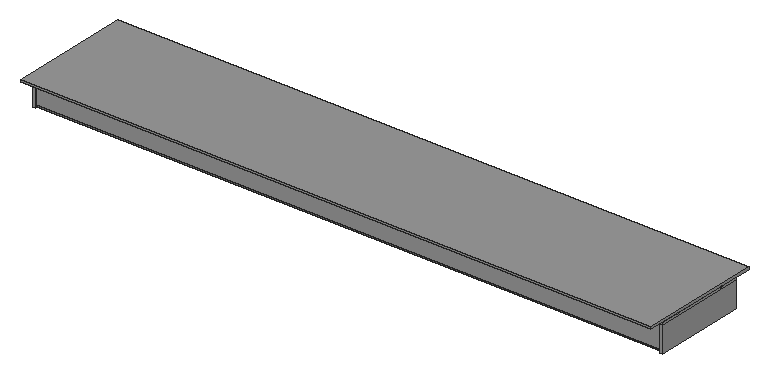
Revit family "Berica 2.2 M", category Lighting Fixtures, Revit 2020 (continued)
Definition of nested family "Light Source Berica 2.2"
  Types (4, lengths in mm): name | Photometric Web File | built-in parameter 1150142
      4.22 782.27 799.67 817.41 \r\n834.79 854.03 870.94 889.71 908.34 927.45 947.97 968.46 \r\n990.09 1014.36 1038.61 1063.35 1092.29 1119.24 1150.01 \r\n1181.56 1213.71 1245.48 1278.86 1311.51 1342.93 1372.77 \r\n1401.97 1428.01 1451.89 1472.82 1489.77 1503.48 1513.65 \r\n1521.23 1524.90 1523.51 \r\n1523.51 1525.19 1522.03 1514.81 1504.92 1493.25 1474.67 \r\n1457.10 1433.78 1410.12 1380.53 1352.84 1320.85 1290.28 \r\n1257.92 1225.28 1193.83 1162.14 1132.49 1102.93 1075.50 \r\n1048.28 1024.52 998.82 977.33 954.05 934.33 913.76 893.58 \r\n874.47 858.61 839.81 821.93 803.50 785.08 767.98 749.11 \r\n732.45 714.73 699.19 682.81 667.61 651.70 638.72 623.98 \r\n611.52 598.77 586.64 575.49 564.59 553.60 544.19 534.41 \r\n525.39 517.42 508.85 501.88 493.60 486.52 480.23 475.57 \r\n470.22 465.95 461.61 457.21 453.42 449.12 445.25 440.83 \r\n436.65 432.82 428.81 423.44 419.20 413.99 409.80 403.70 \r\n398.69 392.86 387.75 382.62 377.40 371.95 366.26 362.13 \r\n356.80 352.89 348.19 345.67 341.81 341.21 341.81 345.67 \r\n348.19 352.89 356.80 362.13 366.26 371.95 377.40 382.62 \r\n387.75 392.86 398.69 403.70 409.80 413.99 419.20 423.44 \r\n428.81 432.82 436.65 440.83 445.25 449.12 453.42 457.21 \r\n461.61 465.95 470.22 475.57 480.23 486.52 493.60 501.88 \r\n508.85 517.42 525.39 534.41 544.19 553.60 564.59 575.49 \r\n586.64 598.77 611.52 623.98 638.72 651.70 667.61 682.81 \r\n699.19 714.73 732.45 749.11 767.98 785.08 803.50 821.93 \r\n839.81 858.61 874.47 893.58 913.76 934.33 954.05 977.33 \r\n998.82 1024.52 1048.28 1075.50 1102.93 1132.49 1162.14 \r\n1193.83 1225.28 1257.92 1290.28 1320.85 1352.84 1380.53 \r\n1410.12 1433.78 1457.10 1474.67 1493.25 1504.92 1514.81 \r\n1522.03 1525.19 1523.51 \r\n1523.51 1525.18 1522.33 1516.80 1507.10 1494.74 1480.25 \r\n1460.74 1440.22 1417.64 1390.38 1362.93 1335.26 1302.20 \r\n1271.50 1238.20 1209.20 1177.53 1147.98 1117.02 1090.28 \r\n1062.13 1037.78 1010.93 987.82 964.92 942.28 921.96 \r\n901.72 881.89 862.60 844.30 825.55 807.37 788.52 770.26 \r\n751.04 734.79 716.58 700.05 683.09 667.33 652.71 636.95 \r\n623.10 609.15 595.44 583.19 571.14 558.83 548.37 537.04 \r\n527.36 516.80 508.25 499.87 491.31 483.36 475.00 467.39 \r\n460.93 456.48 450.17 445.75 440.63 436.25 431.81 427.13 \r\n423.12 418.36 414.17 409.82 405.75 400.45 395.97 391.27 \r\n386.84 381.15 376.29 371.00 366.40 360.53 356.06 351.17 \r\n346.35 341.55 337.38 333.89 329.99 327.31 325.81 327.31 \r\n329.99 333.89 337.38 341.55 346.35 351.17 356.06 360.53 \r\n366.40 371.00 376.29 381.15 386.84 391.27 395.97 400.45 \r\n405.75 409.82 414.17 418.36 423.12 427.13 431.81 436.25 \r\n440.63 445.75 450.17 456.48 460.93 467.39 475.00 483.36 \r\n491.31 499.87 508.25 516.80 527.36 537.04 548.37 558.83 \r\n571.14 583.19 595.44 609.15 623.10 636.95 652.71 667.33 \r\n683.09 700.05 716.58 734.79 751.04 770.26 788.52 807.37 \r\n825.55 844.30 862.60 881.89 901.72 921.96 942.28 964.92 \r\n987.82 1010.93 1037.78 1062.13 1090.28 1117.02 1147.98 \r\n1177.53 1209.20 1238.20 1271.50 1302.20 1335.26 1362.93 \r\n1390.38 1417.64 1440.22 1460.74 1480.25 1494.74 1507.10 \r\n1516.80 1522.33 1525.18 1523.51 \r\n1523.51 1525.40 1523.07 1517.54 1508.70 1498.26 1483.34 \r\n1467.75 1447.15 1426.92 1401.07 1375.34 1346.65 1318.92 \r\n1286.66 1255.77 1226.59 1194.94 1164.33 1134.47 1106.99 \r\n1079.62 1053.54 1025.81 1000.99 977.38 953.54 931.53 \r\n909.68 889.51 870.64 850.74 830.06 812.40 792.25 773.50 \r\n754.63 736.36 718.75 701.55 684.51 667.44 652.09 635.51 \r\n621.42 606.27 592.54 578.98 565.76 553.27 541.83 529.91 \r\n518.53 508.08 497.74 488.97 478.81 470.98 462.05 453.67 \r\n445.71 438.78 431.99 427.33 421.28 416.48 411.23 406.10 \r\n401.56 396.90 392.49 387.87 383.88 378.10 374.37 369.16 \r\n365.32 359.80 355.23 350.16 345.90 340.41 336.37 331.48 \r\n326.91 323.23 317.71 314.56 310.44 308.38 306.49 308.38 \r\n310.44 314.56 317.71 323.23 326.91 331.48 336.37 340.41 \r\n345.90 350.16 355.23 359.80 365.32 369.16 374.37 378.10 \r\n383.88 387.87 392.49 396.90 401.56 406.10 411.23 416.48 \r\n421.28 427.33 431.99 438.78 445.71 453.67 462.05 470.98 \r\n478.81 488.97 497.74 508.08 518.53 529.91 541.83 553.27 \r\n565.76 578.98 592.54 606.27 621.42 635.51 652.09 667.44 \r\n684.51 701.55 718.75 736.36 754.63 773.50 792.25 812.40 \r\n830.06 850.74 870.64 889.51 909.68 931.53 953.54 977.38 \r\n1000.99 1025.81 1053.54 1079.62 1106.99 1134.47 1164.33 \r\n1194.94 1226.59 1255.77 1286.66 1318.92 1346.65 1375.34 \r\n1401.07 1426.92 1447.15 1467.75 1483.34 1498.26 1508.70 \r\n1517.54 1523.07 1525.40 1523.51 \r\n1523.51 1525.14 1523.30 1518.57 1511.14 1501.26 1488.39 \r\n1473.10 1456.01 1436.18 1413.23 1390.32 1362.10 1336.20 \r\n1304.24 1276.61 1247.37 1215.20 1188.12 1158.36 1127.17 \r\n1099.79 1071.20 1045.72 1019.55 995.01 970.30 945.90 \r\n923.72 900.78 880.90 858.77 839.61 819.83 797.90 778.21 \r\n759.20 740.95 721.63 703.74 685.60 668.97 651.39 636.16 \r\n618.55 603.90 589.31 575.34 561.27 548.05 535.34 522.59 \r\n510.95 498.11 488.08 476.78 466.94 457.01 448.34 439.06 \r\n430.56 421.40 414.11 406.69 400.85 395.24 389.76 384.29 \r\n379.09 374.25 369.03 364.39 358.92 354.97 350.20 345.92 \r\n340.59 336.56 331.98 327.57 322.95 318.11 313.74 308.49 \r\n304.43 299.81 295.95 292.09 288.33 285.58 284.51 285.58 \r\n288.33 292.09 295.95 299.81 304.43 308.49 313.74 318.11 \r\n322.95 327.57 331.98 336.56 340.59 345.92 350.20 354.97 \r\n358.92 364.39 369.03 374.25 379.09 384.29 389.76 395.24 \r\n400.85 406.69 414.11 421.40 430.56 439.06 448.34 457.01 \r\n466.94 476.78 488.08 498.11 510.95 522.59 535.34 548.05 \r\n561.27 575.34 589.31 603.90 618.55 636.16 651.39 668.97 \r\n685.60 703.74 721.63 740.95 759.20 778.21 797.90 819.83 \r\n839.61 858.77 880.90 900.78 923.72 945.90 970.30 995.01 \r\n1019.55 1045.72 1071.20 1099.79 1127.17 1158.36 1188.12 \r\n1215.20 1247.37 1276.61 1304.24 1336.20 1362.10 1390.32 \r\n1413.23 1436.18 1456.01 1473.10 1488.39 1501.26 1511.14 \r\n1518.57 1523.30 1525.14 1523.51 \r\n1523.51 1525.27 1523.86 1519.62 1513.08 1504.09 1493.09 \r\n1479.23 1463.95 1445.20 1425.32 1403.27 1380.40 1353.07 \r\n1325.97 1297.21 1268.27 1240.30 1210.30 1181.80 1152.04 \r\n1124.04 1096.65 1069.21 1041.79 1014.45 990.69 964.79 \r\n939.88 916.49 895.40 873.46 849.71 828.46 806.77 786.20 \r\n765.86 744.43 725.53 707.48 688.57 671.00 652.14 635.04 \r\n618.94 602.26 585.91 571.51 556.09 542.16 529.13 515.31 \r\n502.52 489.41 477.43 465.45 454.58 443.95 433.40 423.64 \r\n414.56 405.21 396.35 387.90 379.78 373.45 366.76 361.21 \r\n355.84 350.21 344.30 339.43 334.73 329.29 324.89 320.06 \r\n315.98 310.74 306.30 301.60 297.31 292.22 288.16 282.77 \r\n278.32 274.18 269.38 266.06 262.45 259.53 258.34 259.53 \r\n262.45 266.06 269.38 274.18 278.32 282.77 288.16 292.22 \r\n297.31 301.60 306.30 310.74 315.98 320.06 324.89 329.29 \r\n334.73 339.43 344.30 350.21 355.84 361.21 366.76 373.45 \r\n379.78 387.90 396.35 405.21 414.56 423.64 433.40 443.95 \r\n454.58 465.45 477.43 489.41 502.52 515.31 529.13 542.16 \r\n556.09 571.51 585.91 602.26 618.94 635.04 652.14 671.00 \r\n688.57 707.48 725.53 744.43 765.86 786.20 806.77 828.46 \r\n849.71 873.46 895.40 916.49 939.88 964.79 990.69 1014.45 \r\n1041.79 1069.21 1096.65 1124.04 1152.04 1181.80 1210.30 \r\n1240.30 1268.27 1297.21 1325.97 1353.07 1380.40 1403.27 \r\n1425.32 1445.20 1463.95 1479.23 1493.09 1504.09 1513.08 \r\n1519.62 1523.86 1525.27 1523.51 \r\n1523.51 1525.21 1524.21 1521.01 1515.01 1508.22 1497.67 \r\n1485.79 1472.72 1455.78 1437.16 1418.42 1396.14 1374.85 \r\n1346.26 1321.50 1293.73 1265.93 1239.14 1210.03 1181.54 \r\n1154.09 1126.96 1097.10 1071.27 1041.95 1017.35 989.14 \r\n963.84 937.89 914.39 891.01 868.32 842.90 821.65 799.72 \r\n776.35 755.12 733.62 715.08 694.31 674.89 655.72 637.45 \r\n619.12 602.80 584.99 569.70 553.04 538.01 523.66 509.35 \r\n496.16 481.55 468.83 455.74 443.86 432.37 421.15 410.51 \r\n399.59 389.86 380.07 371.57 362.01 353.53 346.46 339.37 \r\n332.93 326.83 321.10 315.98 310.41 305.06 299.95 295.12 \r\n290.56 285.67 280.56 275.82 270.82 265.89 261.11 256.76 \r\n252.24 247.50 242.68 238.61 234.76 231.89 230.88 231.89 \r\n234.76 238.61 242.68 247.50 252.24 256.76 261.11 265.89 \r\n270.82 275.82 280.56 285.67 290.56 295.12 299.95 305.06 \r\n310.41 315.98 321.10 326.83 332.93 339.37 346.46 353.53 \r\n362.01 371.57 380.07 389.86 399.59 410.51 421.15 432.37 \r\n443.86 455.74 468.83 481.55 496.16 509.35 523.66 538.01 \r\n553.04 569.70 584.99 602.80 619.12 637.45 655.72 674.89 \r\n694.31 715.08 733.62 755.12 776.35 799.72 821.65 842.90 \r\n868.32 891.01 914.39 937.89 963.84 989.14 1017.35 1041.95 \r\n1071.27 1097.10 1126.96 1154.09 1181.54 1210.03 1239.14 \r\n1265.93 1293.73 1321.50 1346.26 1374.85 1396.14 1418.42 \r\n1437.16 1455.78 1472.72 1485.79 1497.67 1508.22 1515.01 \r\n1521.01 1524.21 1525.21 1523.51 \r\n1523.51 1524.82 1524.05 1521.49 1517.15 1510.19 1502.30 \r\n1491.45 1480.13 1466.16 1449.43 1432.97 1413.72 1392.66 \r\n1370.76 1347.39 1322.46 1295.09 1269.38 1243.08 1213.15 \r\n1185.61 1160.98 1131.70 1104.07 1076.67 1046.84 1022.00 \r\n992.26 965.64 942.50 916.41 891.71 865.47 841.56 817.67 \r\n793.25 770.57 748.26 725.16 704.65 682.62 663.16 642.89 \r\n624.25 605.06 588.90 569.69 553.91 537.13 521.61 506.58 \r\n490.57 476.25 462.87 449.51 436.07 422.91 410.33 399.52 \r\n387.99 376.83 365.50 355.92 346.18 337.62 328.19 320.29 \r\n312.85 305.82 299.68 292.77 287.66 281.86 276.41 271.05 \r\n266.16 259.85 255.38 249.69 244.75 239.43 234.57 229.19 \r\n224.08 219.42 214.15 210.45 206.12 202.85 201.08 202.85 \r\n206.12 210.45 214.15 219.42 224.08 229.19 234.57 239.43 \r\n244.75 249.69 255.38 259.85 266.16 271.05 276.41 281.86 \r\n287.66 292.77 299.68 305.82 312.85 320.29 328.19 337.62 \r\n346.18 355.92 365.50 376.83 387.99 399.52 410.33 422.91 \r\n436.07 449.51 462.87 476.25 490.57 506.58 521.61 537.13 \r\n553.91 569.69 588.90 605.06 624.25 642.89 663.16 682.62 \r\n704.65 725.16 748.26 770.57 793.25 817.67 841.56 865.47 \r\n891.71 916.41 942.50 965.64 992.26 1022.00 1046.84 \r\n1076.67 1104.07 1131.70 1160.98 1185.61 1213.15 1243.08 \r\n1269.38 1295.09 1322.46 1347.39 1370.76 1392.66 1413.72 \r\n1432.97 1449.43 1466.16 1480.13 1491.45 1502.30 1510.19 \r\n1517.15 1521.49 1524.05 1524.82 1523.51 \r\n1523.51 1525.22 1525.27 1522.61 1518.77 1513.12 1506.53 \r\n1498.51 1488.14 1475.93 1462.57 1447.32 1431.23 1413.46 \r\n1393.12 1371.87 1350.62 1325.91 1301.85 1277.10 1250.99 \r\n1225.15 1197.26 1172.08 1142.42 1115.85 1089.04 1058.62 \r\n1031.24 1003.25 976.98 950.14 923.45 896.03 869.81 843.34 \r\n818.54 791.15 767.14 744.73 721.11 698.51 675.61 654.28 \r\n634.74 613.07 593.92 575.64 556.53 540.74 521.62 506.54 \r\n490.10 474.62 458.79 445.00 430.40 417.56 404.75 390.85 \r\n378.57 365.97 356.03 344.16 334.14 324.02 314.46 305.85 \r\n297.03 289.03 280.78 274.11 267.10 261.65 254.52 249.44 \r\n243.03 237.41 231.70 225.26 219.53 213.83 208.87 203.11 \r\n197.44 191.53 186.95 181.05 177.51 173.93 172.40 173.93 \r\n177.51 181.05 186.95 191.53 197.44 203.11 208.87 213.83 \r\n219.53 225.26 231.70 237.41 243.03 249.44 254.52 261.65 \r\n267.10 274.11 280.78 289.03 297.03 305.85 314.46 324.02 \r\n334.14 344.16 356.03 365.97 378.57 390.85 404.75 417.56 \r\n430.40 445.00 458.79 474.62 490.10 506.54 521.62 540.74 \r\n556.53 575.64 593.92 613.07 634.74 654.28 675.61 698.51 \r\n721.11 744.73 767.14 791.15 818.54 843.34 869.81 896.03 \r\n923.45 950.14 976.98 1003.25 1031.24 1058.62 1089.04 \r\n1115.85 1142.42 1172.08 1197.26 1225.15 1250.99 1277.10 \r\n1301.85 1325.91 1350.62 1371.87 1393.12 1413.46 1431.23 \r\n1447.32 1462.57 1475.93 1488.14 1498.51 1506.53 1513.12 \r\n1518.77 1522.61 1525.27 1525.22 1523.51 \r\n1523.51 1524.37 1524.34 1522.34 1519.68 1515.39 1509.44 \r\n1502.25 1494.39 1484.31 1472.52 1460.62 1445.48 1430.75 \r\n1413.39 1395.52 1376.59 1356.64 1334.74 1311.54 1288.34 \r\n1262.39 1238.98 1211.81 1186.23 1158.39 1131.95 1103.64 \r\n1074.88 1046.72 1019.41 990.62 962.55 934.17 906.31 \r\n877.82 850.79 823.33 795.98 770.46 744.11 721.63 696.96 \r\n672.62 649.76 627.07 606.95 585.99 565.38 546.61 528.18 \r\n509.92 492.76 475.27 459.13 443.91 428.61 414.61 399.53 \r\n386.62 373.70 360.59 348.02 336.55 325.45 315.05 304.39 \r\n294.53 284.60 275.58 266.69 258.65 249.79 242.82 235.82 \r\n228.85 222.57 215.94 208.92 203.20 196.53 190.02 183.56 \r\n176.95 171.48 165.23 158.79 153.39 148.34 144.52 143.91 \r\n144.52 148.34 153.39 158.79 165.23 171.48 176.95 183.56 \r\n190.02 196.53 203.20 208.92 215.94 222.57 228.85 235.82 \r\n242.82 249.79 258.65 266.69 275.58 284.60 294.53 304.39 \r\n315.05 325.45 336.55 348.02 360.59 373.70 386.62 399.53 \r\n414.61 428.61 443.91 459.13 475.27 492.76 509.92 528.18 \r\n546.61 565.38 585.99 606.95 627.07 649.76 672.62 696.96 \r\n721.63 744.11 770.46 795.98 823.33 850.79 877.82 906.31 \r\n934.17 962.55 990.62 1019.41 1046.72 1074.88 1103.64 \r\n1131.95 1158.39 1186.23 1211.81 1238.98 1262.39 1288.34 \r\n1311.54 1334.74 1356.64 1376.59 1395.52 1413.39 1430.75 \r\n1445.48 1460.62 1472.52 1484.31 1494.39 1502.25 1509.44 \r\n1515.39 1519.68 1522.34 1524.34 1524.37 1523.51 \r\n1523.51 1525.36 1524.74 1523.34 1521.24 1517.65 1513.51 \r\n1507.81 1500.48 1492.20 1482.88 1472.75 1460.24 1448.88 \r\n1433.31 1418.70 1402.23 1384.56 1364.91 1345.52 1325.50 \r\n1303.37 1280.15 1255.53 1231.50 1205.84 1180.73 1151.86 \r\n1124.84 1096.17 1069.38 1038.63 1013.33 982.13 953.53 \r\n923.20 893.22 865.63 835.16 807.22 779.76 753.46 726.12 \r\n701.79 673.67 651.92 625.73 604.04 581.42 559.37 538.92 \r\n519.21 499.97 481.90 465.18 446.24 430.81 414.15 400.17 \r\n383.98 370.83 356.90 344.19 331.60 320.26 308.94 297.65 \r\n287.12 276.01 266.09 256.17 247.26 237.88 229.74 220.66 \r\n212.53 204.55 197.81 189.24 182.70 175.16 168.10 161.67 \r\n153.85 146.86 140.03 132.93 126.26 120.80 116.67 115.58 \r\n116.67 120.80 126.26 132.93 140.03 146.86 153.85 161.67 \r\n168.10 175.16 182.70 189.24 197.81 204.55 212.53 220.66 \r\n229.74 237.88 247.26 256.17 266.09 276.01 287.12 297.65 \r\n308.94 320.26 331.60 344.19 356.90 370.83 383.98 400.17 \r\n414.15 430.81 446.24 465.18 481.90 499.97 519.21 538.92 \r\n559.37 581.42 604.04 625.73 651.92 673.67 701.79 726.12 \r\n753.46 779.76 807.22 835.16 865.63 893.22 923.20 953.53 \r\n982.13 1013.33 1038.63 1069.38 1096.17 1124.84 1151.86 \r\n1180.73 1205.84 1231.50 1255.53 1280.15 1303.37 1325.50 \r\n1345.52 1364.91 1384.56 1402.23 1418.70 1433.31 1448.88 \r\n1460.24 1472.75 1482.88 1492.20 1500.48 1507.81 1513.51 \r\n1517.65 1521.24 1523.34 1524.74 1525.36 1523.51 \r\n1523.51 1524.69 1524.58 1523.19 1521.06 1519.03 1515.09 \r\n1510.56 1504.67 1497.82 1490.03 1481.50 1472.49 1461.10 \r\n1449.55 1437.06 1422.62 1406.82 1390.11 1374.31 1356.37 \r\n1336.92 1317.58 1296.13 1273.78 1252.81 1225.38 1200.57 \r\n1174.33 1147.21 1120.12 1092.16 1062.66 1035.49 1003.69 \r\n973.72 943.87 911.77 883.20 851.60 822.15 794.24 762.66 \r\n734.39 708.53 679.43 653.25 627.30 602.58 579.06 556.11 \r\n533.90 512.86 490.66 471.83 453.78 434.76 417.56 399.82 \r\n384.11 369.69 354.81 341.28 328.54 315.15 303.70 290.84 \r\n279.55 269.50 258.03 247.74 237.99 227.23 218.25 209.04 \r\n199.46 190.59 181.10 172.97 164.11 155.46 147.27 139.58 \r\n131.69 123.98 115.19 107.60 100.32 93.42 88.84 87.05 \r\n88.84 93.42 100.32 107.60 115.19 123.98 131.69 139.58 \r\n147.27 155.46 164.11 172.97 181.10 190.59 199.46 209.04 \r\n218.25 227.23 237.99 247.74 258.03 269.50 279.55 290.84 \r\n303.70 315.15 328.54 341.28 354.81 369.69 384.11 399.82 \r\n417.56 434.76 453.78 471.83 490.66 512.86 533.90 556.11 \r\n579.06 602.58 627.30 653.25 679.43 708.53 734.39 762.66 \r\n794.24 822.15 851.60 883.20 911.77 943.87 973.72 1003.69 \r\n1035.49 1062.66 1092.16 1120.12 1147.21 1174.33 1200.57 \r\n1225.38 1252.81 1273.78 1296.13 1317.58 1336.92 1356.37 \r\n1374.31 1390.11 1406.82 1422.62 1437.06 1449.55 1461.10 \r\n1472.49 1481.50 1490.03 1497.82 1504.67 1510.56 1515.09 \r\n1519.03 1521.06 1523.19 1524.58 1524.69 1523.51 \r\n1523.51 1524.79 1524.15 1523.44 1522.00 1520.10 1516.80 \r\n1513.01 1508.62 1502.71 1496.41 1489.44 1481.91 1473.16 \r\n1462.24 1451.18 1439.28 1426.54 1412.80 1398.89 1381.81 \r\n1365.43 1347.64 1329.19 1310.36 1289.05 1266.98 1244.71 \r\n1218.90 1195.89 1169.60 1142.63 1115.28 1085.04 1055.62 \r\n1024.26 994.77 963.00 930.96 899.00 869.34 835.51 805.70 \r\n775.65 744.16 713.38 683.59 656.83 629.80 601.02 576.41 \r\n551.72 526.08 504.67 481.17 461.05 439.75 420.89 402.04 \r\n385.41 367.76 353.32 338.47 323.21 309.33 296.55 284.17 \r\n272.31 260.71 249.07 238.33 227.03 217.46 206.09 197.09 \r\n186.99 176.90 166.93 157.44 148.32 138.44 129.29 120.51 \r\n11
